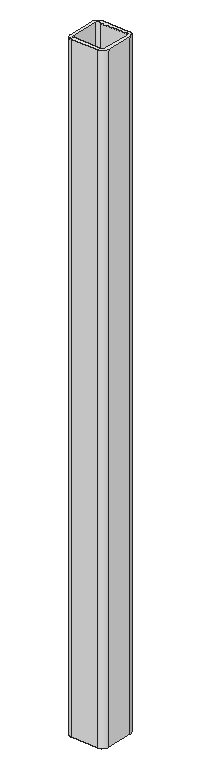
Revit family "M_HSS-Hollow Structural Section-Column", category 구조 기둥, Revit 2026
Family settings
  단면 모양 = 정의되지 않음
  모델 동작 재료 = 스틸
  항상 형상으로 내보내기 = 아니오
  평면의 보 전환 = 경계 상자에서
  로드될 때 보이드를 사용하여 절단 = 아니오
  기호 표현 = 프로젝트 설정에서
  공유 = 아니오
  평면도에서 미리 절단된 패밀리 표시 = 예
Parameters (values of type "HSS152.4X152.4X12.7")
  Assembly Code = ""
  Structural Material [instance] = Metal - Steel - 345 MPa
  A = 0.00628 m²
  Ht = 152 mm
  W = 0.512
  Shape = "Square"
  b = 152 mm
  kr = 2 * t  # 23.6 mm
  t = 11.8 mm
Types (2, lengths in mm): name | A | Ht | W | b | kr | t
  HSS152.4X152.4X12.7 | 0.00628 m² | 152 | 0.512 | 152 | 23.6 | 11.8
  HSS203.2X203.2X9.5 | 0.00669 m² | 203 | 0.549 | 203 | 17.8 | 8.9
Reference planes
  plane 1 "Center (Front/Back)": y = 0
  plane 2: z = 0
  plane 3 "Center (Left/Right)": x = 0
  plane 4: x = -76
  plane 5: x = 76
  plane 6: y = 76
  plane 7: y = -76
  plane 8: x = -52.4
  plane 9: y = -52.4
  plane 10: y = 52.4
  plane 11: x = 52.4
Forms (mm)
  Extrusion 1, solid, material "Metal - Steel - 345 MPa" <- "Structural Material", detail levels medium
    sketch origin (0, 0, 0) x (1, 0, 0) y (0, 1, 0)
      loop
        line (-76, 76) -> (-76, -76) -> (76, -76) -> (76, 76) -> (-76, 76)
      loop
        line (-64.2, 64.2) -> (-64.2, -64.2) -> (64.2, -64.2) -> (64.2, 64.2) -> (-64.2, 64.2)
    from 0 to 2500
  Extrusion 2, solid, material "Metal - Steel - 345 MPa" <- "Structural Material", detail levels fine
    sketch origin (0, 0, 0) x (1, 0, 0) y (0, 1, 0)
      loop
        arc (-52.4, 76) -> (-69.088, 69.088) -> (-76, 52.4) r 23.6
        line (-76, 52.4) -> (-76, -52.4)
        arc (-76, -52.4) -> (-69.088, -69.088) -> (-52.4, -76) r 23.6
        line (-52.4, -76) -> (52.4, -76)
        arc (52.4, -76) -> (69.088, -69.088) -> (76, -52.4) r 23.6
        line (76, -52.4) -> (76, 52.4)
        arc (76, 52.4) -> (69.088, 69.088) -> (52.4, 76) r 23.6
        line (52.4, 76) -> (-52.4, 76)
      loop
        arc (-52.4, 64.2) -> (-60.744, 60.744) -> (-64.2, 52.4) r 11.8
        line (-64.2, 52.4) -> (-64.2, -52.4)
        arc (-64.2, -52.4) -> (-60.744, -60.744) -> (-52.4, -64.2) r 11.8
        line (-52.4, -64.2) -> (52.4, -64.2)
        arc (52.4, -64.2) -> (60.744, -60.744) -> (64.2, -52.4) r 11.8
        line (64.2, -52.4) -> (64.2, 52.4)
        arc (64.2, 52.4) -> (60.744, 60.744) -> (52.4, 64.2) r 11.8
        line (52.4, 64.2) -> (-52.4, 64.2)
    from 0 to 2500
Lines and regions (mm)
  symbolic lines, style "StructuralColumnStickSymbols", detail levels coarse
    curve 1: line (-76, 76, 0) -> (76, 76, 0)
    curve 2: line (-76, -76, 0) -> (76, -76, 0)
    curve 5: line (-76, 76, 0) -> (-76, -76, 0)
    curve 6: line (76, 76, 0) -> (76, -76, 0)
  symbolic lines, style "Hidden Faces", detail levels medium+fine
    curve 3: line (-64.2, 0, 0) -> (-64.2, 0, 2500)
    curve 4: line (64.2, 0, 2500) -> (64.2, 0, 0)
    curve 7: line (0, 64.2, 0) -> (0, 64.2, 2500)
    curve 8: line (0, -64.2, 0) -> (0, -64.2, 2500)
Dimensions and locks
  equal spacing: plane 4, plane 3 "Center (Left/Right)", plane 5
  equal spacing: plane 7, plane 1 "Center (Front/Back)", plane 6
  "Ht": plane 7 to plane 6
  "b": plane 4 to plane 5
  "t": Extrusion 1 sketch curve to plane 5
  "t": plane 4 to Extrusion 1 sketch curve
  "t": Extrusion 1 sketch curve to plane 6
  "t": Extrusion 1 sketch curve to plane 7
  "t": Extrusion 2 sketch curve to plane 6
  "t": Extrusion 2 sketch curve to plane 5
  "t": plane 4 to Extrusion 2 sketch curve
  "t": Extrusion 2 sketch curve to plane 7
  "kr": plane 10 to plane 6
  "kr": plane 7 to plane 9
  "kr": plane 11 to plane 5
  "kr": plane 4 to plane 8
  aligned and locked: plane 6 to Extrusion 1 sketch curve
  aligned and locked: Extrusion 1 sketch curve to plane 7
  aligned and locked: Extrusion 1 sketch curve to plane 4
  aligned and locked: plane 5 to Extrusion 1 sketch curve
  aligned and locked: level to Extrusion 1
  aligned and locked: level to plane 2
  aligned and locked: Extrusion 1 to plane 2
  aligned and locked: curve 1 to Extrusion 2 sketch curve
  aligned and locked: Extrusion 2 sketch curve to Extrusion 1
  aligned and locked: level to Extrusion 2
  aligned and locked: curve 4 to Extrusion 2
  aligned and locked: curve 3 to Extrusion 2
  aligned and locked: Extrusion 2 to curve 7  (x2)
  aligned and locked: Extrusion 2 to curve 8  (x2)
  aligned and locked: curve 7 to Extrusion 1
  aligned and locked: curve 8 to Extrusion 1
Automatic sketch dimensions
  Extrusion 2 sketch curve to plane 8 = 0 mm  (x4)
  Extrusion 2 sketch curve to plane 7 = 0 mm
  Extrusion 2 sketch curve to plane 11 = 0 mm
  Extrusion 2 sketch curve to plane 10 = 0 mm  (x2)
  Extrusion 2 sketch curve to plane 9 = 0 mm  (x2)
  curve 3 to level = 0 mm  (x2)
  curve 4 to level = 0 mm  (x2)
  curve 5 to plane 4 = 0 mm
  curve 2 to plane 5 = 0 mm
  curve 5 to plane 7 = 0 mm
  curve 5 to plane 6 = 0 mm
